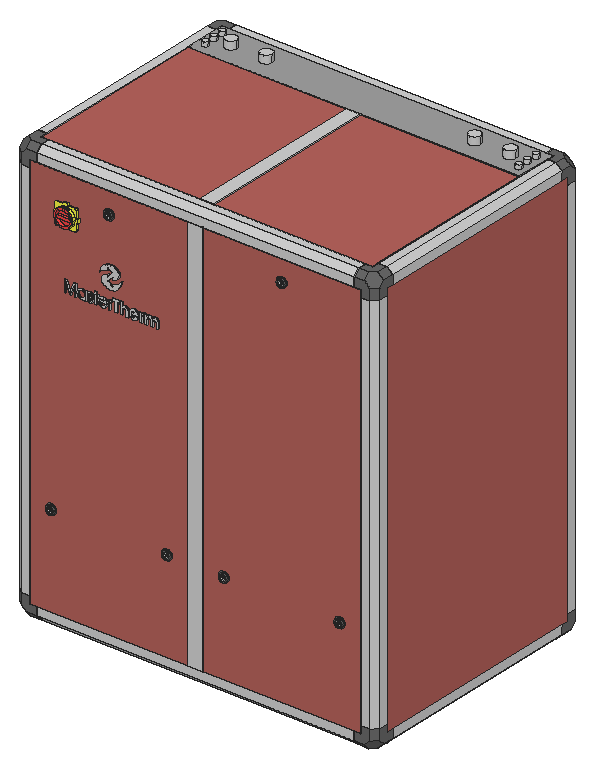
Revit family "AQ-ZHX_ENG-RFA-2022", category Mechanické zařízení, Revit 2022
Family settings
  Kóta kulaté spojky = Použít průměr
  Typ dílu = Normální
  Číslo OmniClass = 23.75.00.00
  Nadpis OmniClass = Climate Control (HVAC)
  Založené na pracovní rovině = Ne
  Vždy vertikální = Ano
  Ořezat dutým tvarem při načtení = Ne
  Zachovat orientaci poznámky = Ne
  Sdílené = Ne
  Bod výpočtu místnosti = Ne
Parameters (values of type "AQ100.2ZHX")
  Výrobce = "Master Therm"  # constant formula
  Výchozí výška = 0.00 mm
  URL = "https://www.mastertherm.eu/aq-zhx-heat-pump"
  Popis = if(MT_desuperheater_YES, "High-temperature heat pump (+desuperheater)", "High-temperature heat pump")  # "High-temperature heat pump"
  Model = if(MT_TYPE = 40, "AQ40ZHX", if(MT_TYPE = 50, "AQ50ZHX", if(MT_TYPE = 60, "AQ60ZHX", if(MT_TYPE = 75, "AQ75ZHX", "AQ100.2ZHX"))))  # "AQ100.2ZHX"
  MT_voltage (V) = 400 V  # constant formula
  MT_service space_YES [instance] = no
  MT_power switch offset_H = if(or(MT_TYPE = 50, MT_TYPE = 60), 250.00 mm, 175.00 mm)  # 175.00 mm
  MT_pipe mat = MT_angle-corner
  MT_pipe connector mat = MT_RGB-130-130-130
  MT_max. current – compressor (A) = if(MT_TYPE = 40, 20 A, if(MT_TYPE = 50, 25 A, if(MT_TYPE = 60, 32 A, if(MT_TYPE = 75, 40 A, 50 A))))  # 50 A
  MT_logo offset_H = if(or(MT_TYPE = 75, MT_TYPE = 100), 263.00 mm, MT_case width / 2)  # 263.00 mm
  MT_lock offset_H = if(or(MT_TYPE = 50, MT_TYPE = 60), 150.00 mm, 100.00 mm)  # 100.00 mm
  MT_hmotnost (kg) = if(MT_TYPE > 60, 400, 230)  # 400
  MT_ground height = 30.00 mm  # constant formula
  MT_frequency (Hz) = 50 Hz  # constant formula
  MT_double case_YES = MT_TYPE > 60  # yes
  MT_desuperheater – inlet [instance] = 0.0 L/s
  MT_desuperheater – outlet [instance] = 0.0 L/s
  MT_clearance top = MT_case height + 600.00 mm  # 1800.00 mm
  MT_clearance right = 400.00 mm  # constant formula
  MT_clearance left = 400.00 mm  # constant formula
  MT_clearance front = 600.00 mm  # constant formula
  MT_clearance back = 200.00 mm  # constant formula
  MT_center lock offset_H = MT_logo offset_H  # 263.00 mm
  MT_apparent power = 0 VA  # constant formula
  MT_active power = 0 W  # constant formula
  MT_condenser – inlet [instance] = 0.0 L/s
  MT_evaporator – inlet [instance] = 0.0 L/s
  MT_condenser – outlet [instance] = 0.0 L/s
  MT_pipe connector_X = if(MT_case height = 1200.00 mm, MT_case width - 2.00 mm * 40, MT_case height - 2.00 mm * 40)  # 932.00 mm
  MT_pipe connector offset = if(MT_case height = 1200.00 mm, MT_case width - 40.00 mm, MT_case height - 40.00 mm)  # 972.00 mm
  MT_pipe connector_Y = if(MT_case height = 1200.00 mm, 120.00 mm, 85.00 mm)  # 120.00 mm
  MT_desuperheater_YES = no
  MT_desuperheater offset_X = MT_pipe connector_X / 2  # 466.00 mm
  MT_desuperheater diameter = if(MT_desuperheater_YES, 15.00 mm, 0.00 mm)  # 0.00 mm
  MT_cover top_Y = MT_cover side_X  # 636.00 mm
  MT_cover top_X = MT_cover front_X  # 932.00 mm
  MT_cover side_Y = MT_cover front_Y  # 1120.00 mm
  MT_cover side_X = MT_case depth - 2.00 mm * 40  # 636.00 mm
  MT_cover front_Y = MT_case height - 2.00 mm * 40  # 1120.00 mm
  MT_cover front_X = MT_case width - 2.00 mm * 40  # 932.00 mm
  MT_case width = if(MT_TYPE = 40, 526.00 mm, if(or(MT_TYPE = 50, MT_TYPE = 60), 716.00 mm, 1012.00 mm))  # 1012.00 mm
  MT_case mat = MT_rgb161-42-32
  MT_case height = 1200.00 mm  # constant formula
  MT_case depth = 716.00 mm  # constant formula
  MT_angle offset = 60.00 mm  # constant formula
  MT_angle length_Z = MT_case height - 2 * MT_angle offset  # 1080.00 mm
  MT_angle length_Y = MT_case depth - 2 * MT_angle offset  # 596.00 mm
  MT_angle length_X = MT_case width - 2 * MT_angle offset  # 892.00 mm
  MT_evaporator – outlet [instance] = 0.0 L/s
  MT_TYPE = 100
  MT_EO offset_X = if(MT_case width = 716.00 mm, 393.00 mm, if(MT_case width = 526.00 mm, 273.00 mm, 859.00 mm))  # 859.00 mm
  MT_EO diameter = 32.00 mm  # constant formula
  MT_EI offset_X = if(MT_case width = 716.00 mm, 543.00 mm, if(MT_case width = 526.00 mm, 373.00 mm, 759.00 mm))  # 759.00 mm
  MT_EI diameter = 32.00 mm  # constant formula
  MT_EC6 offset_Y = MT_EC3 offset_Y  # 30.00 mm
  MT_EC6 offset_X = if(MT_case width = 716.00 mm, 608.00 mm, if(MT_case width = 526.00 mm, 421.00 mm, 907.00 mm))  # 907.00 mm
  MT_EC6_YES = MT_TYPE > 0  # yes
  MT_EC5 offset_Y = MT_EC2 offset_Y  # 60.00 mm
  MT_EC5 offset_X = if(MT_case width = 716.00 mm, 608.00 mm, if(MT_case width = 526.00 mm, 421.00 mm, 907.00 mm))  # 907.00 mm
  MT_EC4 offset_Y = MT_EC1 offset_Y  # 90.00 mm
  MT_EC4 offset_X = if(MT_case width = 716.00 mm, 608.00 mm, if(MT_case width = 526.00 mm, 421.00 mm, 907.00 mm))  # 907.00 mm
  MT_EC3 offset_Y = if(MT_case height = 1200.00 mm, 30.00 mm, 403.00 mm)  # 30.00 mm
  MT_EC3 offset_X = if(MT_case height = 1200.00 mm, 25.00 mm, 480.00 mm)  # 25.00 mm
  MT_EC2 offset_Y = if(MT_case height = 1200.00 mm, 60.00 mm, 403.00 mm)  # 60.00 mm
  MT_EC2 offset_X = if(MT_case height = 1200.00 mm, 25.00 mm, 410.00 mm)  # 25.00 mm
  MT_EC1 offset_Y = if(MT_case height = 1200.00 mm, 90.00 mm, 403.00 mm)  # 90.00 mm
  MT_EC1 offset_X = if(MT_case height = 1200.00 mm, 25.00 mm, 330.00 mm)  # 25.00 mm
  MT_CosPhi = 0  # constant formula
  MT_CO offset_X = if(MT_case width = 716.00 mm, 243.00 mm, if(MT_case width = 526.00 mm, 173.00 mm, 173.00 mm))  # 173.00 mm
  MT_CO diameter = 32.00 mm  # constant formula
  MT_CI offset_X = if(MT_case width = 716.00 mm, 93.00 mm, if(MT_case width = 526.00 mm, 73.00 mm, 73.00 mm))  # 73.00 mm
  MT_CI diameter = 32.00 mm  # constant formula
  Komentáře k typům = "COMPRESSOR: 2xScroll; 2900 rpm; charge of POE oil – 2x3.38 l; LRC – 139 (81); max. op. current – 2x21 A; EVAPORATOR: PHE; AISI316; water flow (W/W) – 3.38 kg/s; min. flow – 1.93 kg/s; temp. difference – 5 K; int. volume – 7.9 l; pump ext. head – 4.0 m; pump motor – 1100 W; CONDENSER: PHE; AISI316; water flow – 2.07 kg/s; min. flow – 2.07 kg/s; temp. difference – 10 K; int. volume – 6.9 l; pump ext. head – 3.0 m; pump motor – 310 W; REFRIGERANT CIRCUIT: R134a (10.0 kg); AUX. HEATER (optional); CONTROLS: controller – pCO5; EEV – yes; water probe – yes; SHW probe/output – yes (2x); mixing probe/output – yes; outdoor probe – yes; dynamic set point – yes; refrigerant probe – 2xPT; POWER SUPPLY: 3x400 V; 50 Hz; max. current – 50 A; max. current, incl. aux. heater – on demand; DIMENSIONS: hot water, brine – 5/4\", 5/4\" (OD); 120x101x72 cm; 400 kg; LIMITS: max. water overpress. – 0.25 MPa; max. refr. overpress. – 2.8 MPa; brine min./max.: 0/45 °C; water min./max.: 20/80 °C"
  El. connection = if(MT_TYPE > 60, "4xPG16; 8xPG13.5", "2xPG21; 2xPG16; 4xPG13.5")  # "4xPG16; 8xPG13.5"
  EO_evaporator – outlet = "5/4'' (OD)"  # constant formula
  EI_evaporator – inlet = "5/4'' (OD)"  # constant formula
  Desuperheater – inlet/outlet = if(MT_desuperheater_YES, "2xCu Ø15 mm (ID)", "not in unit")  # "not in unit"
  Cena = 0
  CO_condenser – outlet = "5/4'' (OD)"  # constant formula
  COPYRIGHT = "© Master Therm tepelná čerpadla s. r. o."  # constant formula
  CI_condenser – inlet = "5/4'' (OD)"  # constant formula
Reference planes
  plane 1 "Střed (vpředu/vzadu)": y = 0
  plane 2: z = 0
  plane 3 "Střed (vlevo/vpravo)": x = 0
  plane 4 "side_cover": x = 506
  plane 5: x = -506
  plane 6 "front_cover": y = -358
  plane 7: y = 358
  plane 8: z = 1230
  plane 9: z = 90
  plane 10: z = 1170
  plane 11: x = -446
  plane 12: x = 446
  plane 13: y = -298
  plane 14: y = 298
  plane 15: z = 630
  plane 16 "MT_pivot point": x = -506
  plane 17 "MT_case bottom": z = 30
Forms (mm)
  Extrusion 1, solid, material "MT_rgb161-42-32" <- "MT_case mat"
    sketch origin (0, 0, 0) x (1, 0, 0) y (0, 1, 0)
      loop
        line (-466, 318) -> (-466, -318) -> (466, -318) -> (466, 318) -> (-466, 318)
    from 30 to 1230
  Extrusion 2, solid, material "MT_rgb161-42-32" <- "MT_case mat"
    sketch origin (0, -358, 0) x (-1, 0, 0) y (0, 0, 1)
      loop
        line (466, 1190) -> (-466, 1190) -> (-466, 70) -> (466, 70) -> (466, 1190)
    from 0 to 716 <- "MT_case depth"
  Extrusion 3, solid, material "MT_rgb161-42-32" <- "MT_case mat"
    sketch origin (-506, 660.254, 1200) x (0, 1, 0) y (0, 0, 1)
      loop
        line (-978.254, -10) -> (-978.254, -1130) -> (-342.254, -1130) -> (-342.254, -10) -> (-978.254, -10)
    from 0 to 1012 <- "MT_case width"
  Extrusion 4, solid, material "MT_angle-corner", visible <- "MT_double case_YES"
    sketch origin (0, -358, 0) x (1, 0, 0) y (0, 0, 1)
      loop
        line (-19.999, 1190) -> (-19.999, 70) -> (19.999, 70) -> (19.999, 1190) -> (-19.999, 1190)
    from 0 to 1
  Extrusion 5, solid, material "MT_angle-corner", visible <- "MT_double case_YES"
    sketch origin (0, 0, 1230) x (1, 0, 0) y (0, 1, 0)
      loop
        line (-20, -318) -> (20, -318) -> (20, 198) -> (-20, 198) -> (-20, -318)
    from 0 to 1
Lines and regions (mm)
  reference lines
    curve 1: line (-506, 318, 1230) -> (834, 318, 1230)
    curve 2: line (-506, 318, 1230) -> (1554, 318, 1230)
    curve 3: line (-906, 558, 0) -> (906, 558, 0)
    curve 4: line (-906, -958, 0) -> (-906, 558, 0)
    curve 5: line (906, -958, 0) -> (-906, -958, 0)
    curve 6: line (906, 558, 0) -> (906, -958, 0)
    curve 7: line (-906, 558, 0) -> (-906, 558, 1800)
    curve 8: line (-906, 558, 1800) -> (906, 558, 1800)
    curve 9: line (906, 558, 0) -> (906, 558, 1800)
    curve 10: line (906, 558, 0) -> (906, 558, 1800)
    curve 11: line (906, 558, 1800) -> (906, -958, 1800)
    curve 12: line (906, -958, 0) -> (906, -958, 1800)
    curve 13: line (-906, 558, 1800) -> (-906, -958, 1800)
    curve 14: line (-906, -958, 0) -> (-906, -958, 1800)
    curve 15: line (-906, -958, 1800) -> (906, -958, 1800)
  model lines, style "MT_service space", visible <- "MT_service space_YES"
    curve 16: line (-906, -958, 1800) -> (906, -958, 1800)
    curve 17: line (-906, 558, 1800) -> (-906, -958, 1800)
    curve 18: line (-906, 558, 1800) -> (906, 558, 1800)
    curve 19: line (906, 558, 1800) -> (906, -958, 1800)
    curve 20: line (906, 558, 0) -> (906, -958, 0)
    curve 21: line (-906, 558, 0) -> (906, 558, 0)
    curve 22: line (906, -958, 0) -> (-906, -958, 0)
    curve 23: line (-906, -958, 0) -> (-906, 558, 0)
    curve 24: line (-906, -958, 0) -> (-906, -958, 1800)
    curve 25: line (-906, 558, 0) -> (-906, 558, 1800)
    curve 26: line (906, -958, 0) -> (906, -958, 1800)
    curve 27: line (906, 558, 0) -> (906, 558, 1800)
Dimensions and locks
  equal spacing: plane 5, plane 3 "Střed (vlevo/vpravo)", plane 4 "side_cover"
  "MT_case width": plane 5 to plane 4 "side_cover"
  equal spacing: plane 7, plane 1 "Střed (vpředu/vzadu)", plane 6 "front_cover"
  "MT_case depth": plane 7 to plane 6 "front_cover"
  "MT_case height": plane 8 to plane 17 "MT_case bottom"
  "MT_angle offset": plane 9 to plane 17 "MT_case bottom"
  "MT_angle offset": plane 8 to plane 10
  "MT_angle offset": plane 11 to plane 5
  "MT_angle offset": plane 4 "side_cover" to plane 12
  "MT_angle offset": plane 13 to plane 6 "front_cover"
  "MT_angle offset": plane 7 to plane 14
  equal spacing: Extrusion 1 sketch curve, plane 3 "Střed (vlevo/vpravo)", Extrusion 1 sketch curve
  "MT_cover top_X": Extrusion 1 sketch curve to Extrusion 1 sketch curve
  equal spacing: nested 17, plane 1 "Střed (vpředu/vzadu)", Extrusion 1 sketch curve
  "MT_cover top_Y": nested 17 to Extrusion 1 sketch curve
  equal spacing: Extrusion 2 sketch curve, plane 3 "Střed (vlevo/vpravo)", Extrusion 2 sketch curve
  "MT_cover front_X": Extrusion 2 sketch curve to Extrusion 2 sketch curve
  equal spacing: plane 8, plane 15, plane 17 "MT_case bottom"
  equal spacing: Extrusion 2 sketch curve, plane 15, Extrusion 2 sketch curve
  "MT_cover front_Y": Extrusion 2 sketch curve to Extrusion 2 sketch curve
  equal spacing: Extrusion 3 sketch curve, plane 15, Extrusion 3 sketch curve
  "MT_cover side_Y": Extrusion 3 sketch curve to Extrusion 3 sketch curve
  "MT_cover side_X": Extrusion 3 sketch curve to Extrusion 3 sketch curve
  equal spacing: Extrusion 3 sketch curve, plane 1 "Střed (vpředu/vzadu)", Extrusion 3 sketch curve
  locked: plane 8 to nested 23 at 100
  locked: nested 24 to plane 17 "MT_case bottom" at 300
  "MT_lock offset_H": nested 24 to plane 5
  "MT_lock offset_H": plane 4 "side_cover" to nested 25
  locked: nested 25 to plane 17 "MT_case bottom" at 300
  locked: nested 21 to plane 8 at 340
  locked: nested 22 to plane 8 at 175
  "MT_power switch offset_H": nested 22 to plane 5
  locked: plane 16 "MT_pivot point" to plane 5
  curve 1 to plane 8 = 0.00 mm
  "MT_pipe connector offset": nested 26 to curve 2
  "MT_clearance right": plane 4 "side_cover" to curve 6
  "MT_clearance left": curve 4 to plane 5
  "MT_clearance back": plane 7 to curve 3
  "MT_clearance front": plane 6 "front_cover" to curve 5
  "MT_clearance top": curve 15 to plane 2
  "MT_ground height": plane 17 "MT_case bottom" to plane 2
  locked: plane 6 "front_cover" to nested 27 at 158
  locked: plane 5 to nested 27 at 80
  locked: plane 5 to nested 29 at 80
  locked: nested 29 to plane 7 at 158
  locked: nested 28 to plane 4 "side_cover" at 80
  locked: nested 28 to plane 6 "front_cover" at 158
  locked: nested 30 to plane 7 at 158
  locked: nested 30 to plane 4 "side_cover" at 80
  "MT_logo offset_H": nested 21 to plane 5
  equal spacing: Extrusion 4 sketch curve, plane 3 "Střed (vlevo/vpravo)", Extrusion 4 sketch curve
  locked: Extrusion 4 sketch curve to Extrusion 4 sketch curve at 39.998
  "MT_center lock offset_H": nested 23 to plane 5
  locked: nested 31 to plane 17 "MT_case bottom" at 300
  "MT_lock offset_H": nested 31 to Extrusion 4
  locked: nested 32 to plane 17 "MT_case bottom" at 300
  "MT_lock offset_H": Extrusion 4 to nested 32
  "MT_center lock offset_H": plane 4 "side_cover" to nested 33
  equal spacing: Extrusion 5 sketch curve, plane 3 "Střed (vlevo/vpravo)", Extrusion 5 sketch curve
  locked: Extrusion 5 sketch curve to Extrusion 5 sketch curve at 40
  locked: curve 2 to curve 1 (angle 0.00°)
  aligned and locked: level to plane 2
  aligned and locked: plane 7 to nested 2
  aligned and locked: plane 5 to nested 2
  aligned and locked: plane 6 "front_cover" to nested 3
  aligned and locked: nested 3 to plane 5
  aligned and locked: nested 4 to plane 4 "side_cover"
  aligned and locked: nested 4 to plane 6 "front_cover"
  aligned and locked: plane 4 "side_cover" to nested 5
  aligned and locked: nested 5 to plane 7
  aligned and locked: plane 6 "front_cover" to nested 1
  aligned and locked: nested 1 to plane 5
  aligned and locked: nested 6 to plane 6 "front_cover"
  aligned and locked: nested 6 to plane 4 "side_cover"
  aligned and locked: nested 7 to plane 7
  aligned and locked: plane 4 "side_cover" to nested 7
  aligned and locked: plane 5 to nested 8
  aligned and locked: plane 7 to nested 8
  aligned and locked: plane 8 to nested 6
  aligned and locked: plane 8 to nested 7
  aligned and locked: plane 8 to nested 1
  aligned and locked: plane 8 to nested 8
  aligned and locked: nested 3 to plane 9
  aligned and locked: nested 2 to plane 9
  aligned and locked: nested 4 to plane 9
  aligned and locked: nested 5 to plane 9
  aligned and locked: nested 13 to plane 11
  aligned and locked: nested 14 to plane 11
  aligned and locked: plane 8 to nested 14
  aligned and locked: nested 13 to plane 6 "front_cover"
  aligned and locked: plane 6 "front_cover" to nested 14
  aligned and locked: nested 15 to plane 13
  aligned and locked: nested 15 to plane 4 "side_cover"
  aligned and locked: plane 4 "side_cover" to nested 16
  aligned and locked: nested 16 to plane 13
  aligned and locked: plane 11 to nested 18
  aligned and locked: plane 7 to nested 18
  aligned and locked: plane 11 to nested 17
  aligned and locked: nested 17 to plane 7
  aligned and locked: nested 18 to plane 8
  aligned and locked: plane 13 to nested 20
  aligned and locked: plane 13 to nested 19
  aligned and locked: nested 19 to plane 5
  aligned and locked: plane 5 to nested 20
  aligned and locked: nested 19 to plane 8
  aligned and locked: nested 9 to plane 6 "front_cover"
  aligned and locked: plane 6 "front_cover" to nested 10
  aligned and locked: nested 12 to plane 7
  aligned and locked: nested 11 to plane 7
  aligned and locked: plane 5 to nested 11
  aligned and locked: plane 5 to nested 9
  aligned and locked: nested 12 to plane 4 "side_cover"
  aligned and locked: nested 10 to plane 4 "side_cover"
  aligned and locked: plane 8 to nested 15
  aligned and locked: plane 16 "MT_pivot point" to curve 1
  aligned and locked: curve 2 to nested 26
  aligned and locked: curve 8 to curve 15
  aligned and locked: curve 13 to curve 15
  aligned and locked: curve 11 to curve 15
  aligned and locked: curve 16 to curve 15
  aligned and locked: curve 17 to curve 13
  aligned and locked: curve 18 to curve 8
  aligned and locked: curve 19 to curve 11
  aligned and locked: curve 20 to curve 6
  aligned and locked: curve 21 to curve 3
  aligned and locked: curve 22 to curve 5
  aligned and locked: curve 23 to curve 4
  aligned and locked: curve 24 to curve 14
  aligned and locked: curve 25 to curve 7
  aligned and locked: curve 26 to curve 12
  aligned and locked: curve 27 to curve 10
  aligned and locked: plane 17 "MT_case bottom" to nested 13
  aligned and locked: nested 17 to plane 17 "MT_case bottom"
  aligned and locked: plane 17 "MT_case bottom" to nested 9
  aligned and locked: plane 17 "MT_case bottom" to nested 11
  aligned and locked: Extrusion 1 to plane 17 "MT_case bottom"
  aligned and locked: nested 20 to plane 17 "MT_case bottom"
  aligned and locked: plane 17 "MT_case bottom" to nested 10
  aligned and locked: plane 17 "MT_case bottom" to nested 16
  aligned and locked: plane 17 "MT_case bottom" to nested 12
  aligned and locked: plane 8 to Extrusion 1
  aligned and locked: nested 26 to Extrusion 1
  aligned and locked: Extrusion 4 sketch curve to Extrusion 2  (x2)
  aligned and locked: Extrusion 5 sketch curve to nested 26
  aligned and locked: Extrusion 1 to Extrusion 5 sketch curve
Automatic sketch dimensions
  curve 13 to curve 4 = 0.00 mm  (x2)
  curve 14 to curve 4 = 0.00 mm
  curve 10 to curve 6 = 0.00 mm  (x2)
  curve 6 to curve 12 = 0.00 mm
  curve 12 to curve 6 = 0.00 mm
  curve 7 to curve 3 = 0.00 mm  (x2)
  curve 9 to curve 3 = 0.00 mm  (x2)
  curve 24 to curve 14 = 0.00 mm  (x2)
  curve 14 to curve 25 = 0.00 mm  (x2)
  curve 26 to curve 12 = 0.00 mm  (x2)
  curve 27 to curve 12 = 0.00 mm  (x2)
  plane 14 to Extrusion 1 sketch curve = 20.00 mm
  curve 5 to curve 15 = 0.00 mm  (x2)
Nested families
  nested 1: "MT_corner-cap" at (-446, -358, 1170) x (0, 1, 0) z (0, 0, 1), type "MT_corner-cap"
  nested 2: "MT_angle-cover" at (-506, 318, 90), MT_angle_lenght <- "MT_angle length_Z", type "MT_angle-cover"
    with MT_angle_lenght 1080.00 mm
  nested 3: "MT_angle-cover" at (-466, -358, 90) x (0, 1, 0) z (0, 0, 1), MT_angle_lenght <- "MT_angle length_Z", type "MT_angle-cover"
    with MT_angle_lenght 1080.00 mm
  nested 4: "MT_angle-cover" at (506, -318, 90) x (-1, 0, 0) z (0, 0, 1), MT_angle_lenght <- "MT_angle length_Z", type "MT_angle-cover"
    with MT_angle_lenght 1080.00 mm
  nested 5: "MT_angle-cover" at (466, 358, 90) x (0, -1, 0) z (0, 0, 1), MT_angle_lenght <- "MT_angle length_Z", type "MT_angle-cover"
    with MT_angle_lenght 1080.00 mm
  nested 6: "MT_corner-cap" at (506, -298, 1170) x (-1, 0, 0) z (0, 0, 1), type "MT_corner-cap"
  nested 7: "MT_corner-cap" at (446, 358, 1170) x (0, -1, 0) z (0, 0, 1), type "MT_corner-cap"
  nested 8: "MT_corner-cap" at (-506, 298, 1170), type "MT_corner-cap"
  nested 9: "MT_corner-cap" at (-446, -358, 90) x (0, 1, 0) z (0, 0, -1), type "MT_corner-cap"
  nested 10: "MT_corner-cap" at (506, -298, 90) x (-1, 0, 0) z (0, 0, -1), type "MT_corner-cap"
  nested 11: "MT_corner-cap" at (-506, 298, 90) x (1, 0, 0) z (0, 0, -1), type "MT_corner-cap"
  nested 12: "MT_corner-cap" at (446, 358, 90) x (0, -1, 0) z (0, 0, -1), type "MT_corner-cap"
  nested 13: "MT_angle-cover" at (-446, -318, 30) x (0, 0, 1) z (1, 0, 0), MT_angle_lenght <- "MT_angle length_X", type "MT_angle-cover"
    with MT_angle_lenght 892.00 mm
  nested 14: "MT_angle-cover" at (-446, -358, 1190) x (0, 1, 0) z (1, 0, 0), MT_angle_lenght <- "MT_angle length_X", type "MT_angle-cover"
    with MT_angle_lenght 892.00 mm
  nested 15: "MT_angle-cover" at (506, -298, 1190) x (-1, 0, 0) z (0, 1, 0), MT_angle_lenght <- "MT_angle length_Y", type "MT_angle-cover"
    with MT_angle_lenght 596.00 mm
  nested 16: "MT_angle-cover" at (466, -298, 30) x (0, 0, 1) z (0, 1, 0), MT_angle_lenght <- "MT_angle length_Y", type "MT_angle-cover"
    with MT_angle_lenght 596.00 mm
  nested 17: "MT_angle-cover" at (-446, 318, 30) x (0, 0, 1) z (1, 0, 0), MT_angle_lenght <- "MT_angle length_X", type "MT_angle-cover"
    with MT_angle_lenght 892.00 mm
  nested 18: "MT_angle-cover" at (-446, 358, 1190) x (0, -1, 0) z (1, 0, 0), MT_angle_lenght <- "MT_angle length_X", type "MT_angle-cover"
    with MT_angle_lenght 892.00 mm
  nested 19: "MT_angle-cover" at (-506, -298, 1190) x (1, 0, 0) z (0, 1, 0), MT_angle_lenght <- "MT_angle length_Y", type "MT_angle-cover"
    with MT_angle_lenght 596.00 mm
  nested 20: "MT_angle-cover" at (-466, -298, 30) x (0, 0, 1) z (0, 1, 0), MT_angle_lenght <- "MT_angle length_Y", type "MT_angle-cover"
    with MT_angle_lenght 596.00 mm
  nested 21: "MT_logo" at (-367.152, -358, 890) x (1, 0, 0) z (0, -1, 0), type "MT_logo"
  nested 22: "MT_power-switch" at (-391, -358, 1055) x (1, 0, 0) z (0, -1, 0), type "MT_power-switch"
  nested 23: "MT_case-lock" at (-243, -358, 1130) x (1, 0, 0) z (0, -1, 0), type "MT_case-lock"
  nested 24: "MT_case-lock" at (-406, -358, 330) x (1, 0, 0) z (0, -1, 0), type "MT_case-lock"
  nested 25: "MT_case-lock" at (406, -358, 330) x (-1, 0, 0) z (0, -1, 0), type "MT_case-lock"
  nested 26: "MT_pipe connector" at (-466, 318, 1230), type "MT_pipe connector"
    with MT_pipe connector_X2 932.00 mm, MT_desuperheater_YES no, MT_desuperheater offset_X2 466.00 mm, MT_EO offset_X2 859.00 mm, MT_EO diameter 32.00 mm, MT_EC6_X2 907.00 mm, MT_EC5_X2 907.00 mm, MT_EC4_X2 907.00 mm, MT_EI offset_X2 759.00 mm, MT_EI diameter 32.00 mm, MT_EC-AQ90I_YES no, MT_CO offset_X2 173.00 mm, MT_CO diameter 32.00 mm, MT_CI offset_X2 73.00 mm, MT_CI diameter 32.00 mm
  nested 27: "MT_adj feet" at (-426, -200, 0), type "MT_adj feet"
  nested 28: "MT_adj feet" at (426, -200, 0), type "MT_adj feet"
  nested 29: "MT_adj feet" at (-426, 200, 0), type "MT_adj feet"
  nested 30: "MT_adj feet" at (426, 200, 0), type "MT_adj feet"
  nested 31: "MT_case-lock" at (80.001, -358, 330) x (-1, 0, 0) z (0, -1, 0), visible <- "MT_double case_YES", type "MT_case-lock"
  nested 32: "MT_case-lock" at (-80.001, -358, 330) x (-1, 0, 0) z (0, -1, 0), visible <- "MT_double case_YES", type "MT_case-lock"
  nested 33: "MT_case-lock" at (243, -358, 1130) x (1, 0, 0) z (0, -1, 0), visible <- "MT_double case_YES", type "MT_case-lock"
Connectors
  piping at (393, 258, 1251), diameter 32, driven by "MT_CI diameter", driven by "MT_condenser – inlet", driven by "CI_condenser – inlet"
    settings: on nested 26, index 1, connector inside diameter 609.60 mm, connector length 0.00 mm, flow factor 1, pipe flow 0.0 L/s, pressure drop 0.0 Pa, fitting loss kfactor 0, connector angle 0.00°, fixture units 0, engagement length 0.00 mm, angle of deflection 0.00°, flow configuration 2, flow direction 1, fitting loss method 0, system type 29, joint type 0, gender type 0, connector reference index -1, connector utility 0, adjustable connector no, is connector primary yes, connector description "5/4'' (OD)"
  piping at (293, 258, 1251), diameter 32, driven by "MT_CO diameter", driven by "MT_condenser – outlet", driven by "CO_condenser – outlet"
    settings: on nested 26, index 2, connector inside diameter 609.60 mm, connector length 0.00 mm, flow factor 1, pipe flow 0.0 L/s, pressure drop 0.0 Pa, fitting loss kfactor 0, connector angle 0.00°, fixture units 0, engagement length 0.00 mm, angle of deflection 0.00°, flow configuration 2, flow direction 2, fitting loss method 0, system type 29, joint type 0, gender type 0, connector reference index -1, connector utility 0, adjustable connector no, is connector primary no, connector description "5/4'' (OD)"
  piping at (0, 283, 1240), driven by "MT_desuperheater diameter", driven by "MT_desuperheater – outlet", driven by "Desuperheater – inlet/outlet"
    settings: on nested 26, index 3, connector diameter 0.00 mm, connector inside diameter 609.60 mm, connector length 0.00 mm, flow factor 1, pipe flow 0.0 L/s, pressure drop 0.0 Pa, fitting loss kfactor 0, connector angle 0.00°, fixture units 0, engagement length 0.00 mm, angle of deflection 0.00°, flow configuration 2, flow direction 2, fitting loss method 0, system type 29, joint type 0, gender type 0, connector reference index -1, connector utility 0, adjustable connector no, is connector primary no, connector description "not in unit"
  piping at (0, 233, 1240), driven by "MT_desuperheater diameter", driven by "MT_desuperheater – inlet", driven by "Desuperheater – inlet/outlet"
    settings: on nested 26, index 4, connector diameter 0.00 mm, connector inside diameter 609.60 mm, connector length 0.00 mm, flow factor 1, pipe flow 0.0 L/s, pressure drop 0.0 Pa, fitting loss kfactor 0, connector angle 0.00°, fixture units 0, engagement length 0.00 mm, angle of deflection 0.00°, flow configuration 2, flow direction 1, fitting loss method 0, system type 29, joint type 0, gender type 0, connector reference index -1, connector utility 0, adjustable connector no, is connector primary no, connector description "not in unit"
  piping at (-393, 258, 1251), diameter 32, driven by "MT_EO diameter", driven by "MT_evaporator – outlet", driven by "EO_evaporator – outlet"
    settings: on nested 26, index 5, connector inside diameter 609.60 mm, connector length 0.00 mm, flow factor 0, pipe flow 0.0 L/s, pressure drop 0.0 Pa, fitting loss kfactor 0, connector angle 0.00°, fixture units 0, engagement length 0.00 mm, angle of deflection 0.00°, flow configuration 1, flow direction 2, fitting loss method 0, system type 29, joint type 0, gender type 0, connector reference index -1, connector utility 0, adjustable connector no, is connector primary no, connector description "5/4'' (OD)"
  piping at (-293, 258, 1251), diameter 32, driven by "MT_EI diameter", driven by "MT_evaporator – inlet", driven by "EI_evaporator – inlet"
    settings: on nested 26, index 6, connector inside diameter 609.60 mm, connector length 0.00 mm, flow factor 0, pipe flow 0.0 L/s, pressure drop 0.0 Pa, fitting loss kfactor 0, connector angle 0.00°, fixture units 0, engagement length 0.00 mm, angle of deflection 0.00°, flow configuration 1, flow direction 1, fitting loss method 0, system type 29, joint type 0, gender type 0, connector reference index -1, connector utility 0, adjustable connector no, is connector primary no, connector description "5/4'' (OD)"
  electrical at (441, 228, 1241), driven by "MT_voltage (V)", driven by "MT_apparent power", driven by "MT_CosPhi", driven by "El. connection"
    settings: on nested 26, index 7, voltage 400 V, apparent load 0 VA, apparent load phase1 0 VA, apparent load phase2 0 VA, apparent load phase3 0 VA, power factor 0, load classification "Další", number of poles 1, system type 30, power factor state 1, is connector primary yes, connector utility no, sub classification motor no, connector description "4xPG16; 8xPG13.5"
Definition of nested family "MT_corner-cap"
  Parameters (values of type "MT_corner-cap")
    Default Elevation = 0.00 mm
    MT_corner-cap = none
  Reference planes
    plane 1 "Střed (vpředu/vzadu)": y = 0
    plane 2: z = 0
    plane 3 "Střed (vlevo/vpravo)": x = 0
    plane 4: y = 44
    plane 5: x = 16
    plane 6 "cp1": through (-50.749, 80.749, 1200) normal (0.7071, 0.7071, 0)
    plane 7: through (30, 44, 1200) normal (0.7071, -0.7071, 0)
  Forms (mm)
    Extrusion 1, solid, material <- "MT_corner-cap"
      sketch origin (0, 0, 0) x (1, 0, 0) y (0, 1, 0)
        loop
          line (60, 60) -> (0, 60) -> (0, 0) -> (60, 0) -> (60, 60)
      from 0 to 60
    Extrusion 2, void
      sketch origin (0, 0, 0) x (1, 0, 0) y (0, 1, 0)
        loop
          line (40, 20) -> (40, 0) -> (60, 0) -> (60, 20) -> (40, 20)
      from 0 to 60
    Extrusion 3, void
      sketch origin (0, 0, 0) x (1, 0, 0) y (0, 0, 1)
        loop
          line (16, 60) -> (0, 60) -> (0, 44) -> (16, 60)
      from 0 to -60
    Extrusion 4, void
      sketch origin (0, 0, 0) x (0, 1, 0) y (0, 0, 1)
        loop
          line (44, 60) -> (60, 44) -> (60, 60) -> (44, 60)
      from 0 to 60
    Extrusion 5, void
      sketch origin (0, 0, 0) x (1, 0, 0) y (0, 1, 0)
        loop
          line (16, 60) -> (0, 60) -> (0, 44) -> (16, 60)
      from 0 to 60
    Extrusion 6, void
      sketch origin (0, 0, 0) x (0, 1, 0) y (0, 0, 1)
        loop
          line (0, 0) -> (20, 0) -> (20, 20) -> (0, 20) -> (0, 0)
      from 0 to 60
    Extrusion 7, void
      sketch origin (0, 0, 0) x (1, 0, 0) y (0, 0, 1)
        loop
          line (60, 0) -> (60, 20) -> (40, 20) -> (40, 0) -> (60, 0)
      from 0 to -60
    Extrusion 8, void
      sketch origin (15, 15, 0) x (-0.707107, 0.707107, 0) y (0, 0, 1)
        loop
          line (9.899, 60) -> (31.113, 29.704) -> (31.113, 60) -> (9.899, 60)
      from -50 to 60
  Cuts and joins
    Extrusion 2, Extrusion 3, Extrusion 4, Extrusion 5, Extrusion 6, Extrusion 7, Extrusion 8 cuts Extrusion 1
  Dimensions and locks
    aligned and locked: level to plane 2
Definition of nested family "MT_angle-cover"
  Parameters (values of type "MT_angle-cover")
    Default Elevation = 0.00 mm
    MT_angle_lenght [instance] = 500.00 mm
    MT_angle-corner = none
  Reference planes
    plane 1 "Střed (vpředu/vzadu)": y = 0
    plane 2: z = 0
    plane 3 "Střed (vlevo/vpravo)": x = 0
    plane 4: through (2.328, 26.328, 1200) normal (-0.7071, 0.7071, 0)
    plane 5: z = 500
  Forms (mm)
    Extrusion 1, solid, material <- "MT_angle-corner"
      sketch origin (0, 0, 0) x (1, 0, 0) y (0, 1, 0)
        loop
          line (40, 0) -> (40, 40) -> (0, 40) -> (0, 0) -> (40, 0)
      from 0 to 500
    Extrusion 2, void
      sketch origin (0, 0, 0) x (1, 0, 0) y (0, 1, 0)
        loop
          line (16, 40) -> (0, 40) -> (0, 24) -> (16, 40)
      from 0 to 500
  Cuts and joins
    Extrusion 2 cuts Extrusion 1
  Dimensions and locks
    "MT_angle_lenght": plane 5 to plane 2
    aligned and locked: level to plane 2
    aligned and locked: plane 5 to cut or joined group of Extrusion 1, Extrusion 2
    aligned and locked: Extrusion 1 to Extrusion 2
  Automatic sketch dimensions
    plane 1 "Střed (vpředu/vzadu)" to Extrusion 1 sketch curve = 0.00 mm
    Extrusion 1 sketch curve to plane 3 "Střed (vlevo/vpravo)" = 0.00 mm
    plane 3 "Střed (vlevo/vpravo)" to Extrusion 1 sketch curve = 40.00 mm
    Extrusion 1 sketch curve to plane 1 "Střed (vpředu/vzadu)" = 40.00 mm
    Extrusion 2 sketch curve to plane 3 "Střed (vlevo/vpravo)" = 0.00 mm
    Extrusion 2 sketch curve to plane 4 = 0.00 mm  (x2)
    plane 3 "Střed (vlevo/vpravo)" to Extrusion 2 sketch curve = 16.00 mm
Definition of nested family "MT_logo"
  Parameters (values of type "MT_logo")
    Default Elevation = 1219.20 mm
    MT_logo_thickness = 2.00 mm  # constant formula
    MT_logo-mat = none
  Reference planes
    plane 1 "Střed (vpředu/vzadu)": y = 0
    plane 2: z = 0
    plane 3 "Střed (vlevo/vpravo)": x = 0
    plane 4: z = 500
  Forms (mm)
    Extrusion 1, solid, material <- "MT_logo-mat"
      sketch origin (0, 0, 0) x (1, 0, 0) y (0, 1, 0)
        loop
          line (121.917, 83.115) -> (121.917, 89.033)
          spline (121.917, 89.033) -> (110.145, 82.837) -> (105.846, 77.019) -> (105.128, 68.563) -> (108.491, 61.778) -> (115.441, 56.783) -> (123.535, 53.995) -> (131.475, 53.389) -> (140.079, 54.8) -> (147.361, 58.494) -> (153.914, 64.28) -> (158.046, 70.722) -> (161.285, 84.245)
          spline (161.285, 84.245) -> (159.714, 81.035) -> (158.469, 78.973) -> (157.232, 77.31) -> (155.703, 75.688) -> (154.145, 74.345) -> (152.518, 73.263) -> (150.782, 72.272) -> (149.103, 71.471) -> (147.157, 70.679) -> (145.071, 69.992) -> (142.28, 69.29) -> (137.169, 68.49)
          line (137.169, 68.49) -> (137.169, 62.54) -> (122.426, 71.891) -> (137.508, 86.378) -> (137.508, 81.245)
          spline (137.508, 81.245) -> (148.499, 86.345) -> (153.768, 92.083) -> (155.179, 100.068) -> (150.966, 107.004) -> (143.87, 111.829) -> (136.075, 114.436) -> (127.817, 115.037) -> (119.6, 113.109) -> (112.274, 109.305) -> (106.232, 103.604) -> (102.088, 96.604) -> (99.294, 87.5)
          spline (99.294, 87.5) -> (101.565, 90.388) -> (102.94, 91.895) -> (104.349, 93.203) -> (105.825, 94.353) -> (107.436, 95.41) -> (109.18, 96.419) -> (110.713, 97.202) -> (112.43, 97.92) -> (114.46, 98.648) -> (116.41, 99.244) -> (118.729, 99.788) -> (122.07, 100.334)
          line (122.07, 100.334) -> (122.07, 105.76) -> (137.041, 97.426) -> (121.917, 83.115)
        loop
          line (0, 1.019) -> (3.59, 1.019) -> (3.59, 28.94) -> (14.436, 1.019) -> (17.898, 1.019) -> (28.975, 28.825) -> (28.975, 1.019) -> (32.206, 1.019) -> (32.206, 33.78) -> (27.245, 33.78) -> (16.398, 6.228) -> (5.274, 33.78) -> (0, 33.78) -> (0, 1.019)
        loop
          spline (48.751, 23.273) -> (46.388, 22.939) -> (44.186, 21.958) -> (42.296, 20.397) -> (40.845, 18.364) -> (39.933, 15.995) -> (39.622, 13.454) -> (39.933, 10.912) -> (40.845, 8.544) -> (42.296, 6.51) -> (44.186, 4.95) -> (46.388, 3.969) -> (48.751, 3.634)
          spline (48.751, 3.634) -> (51.114, 3.969) -> (53.316, 4.95) -> (55.207, 6.51) -> (56.657, 8.544) -> (57.57, 10.912) -> (57.881, 13.454) -> (57.57, 15.995) -> (56.657, 18.364) -> (55.207, 20.397) -> (53.316, 21.958) -> (51.114, 22.939) -> (48.751, 23.273)
        loop
          line (57.881, 4.324) -> (57.881, 1.019) -> (61.48, 1.019) -> (61.48, 25.889) -> (57.881, 25.889) -> (57.881, 22.583)
          arc (57.881, 22.583) -> (35.84, 13.454) -> (57.881, 4.324) r 12.911
        loop
          line (86.125, 22.492) -> (86.125, 1.019) -> (89.717, 1.019) -> (89.717, 22.492) -> (94.365, 22.492) -> (94.365, 25.974) -> (89.717, 25.974) -> (89.717, 33.78) -> (86.125, 33.78) -> (86.125, 25.974) -> (81.583, 25.974) -> (81.583, 22.492) -> (86.125, 22.492)
        loop
          spline (120.897, 12.309) -> (120.024, 18.831) -> (116.177, 24.119) -> (110.308, 26.865) -> (103.866, 26.393) -> (98.443, 22.817) -> (95.38, 17.023) -> (95.433, 10.441) -> (98.589, 4.698) -> (104.069, 1.214) -> (110.518, 0.85) -> (116.342, 3.694) -> (120.103, 9.046)
          line (120.103, 9.046) -> (115.947, 9.046)
          arc (115.947, 9.046) -> (106.228, 4.674) -> (98.794, 12.309) r 9.292
          line (98.794, 12.309) -> (120.897, 12.309)
        loop
          arc (117.067, 15.67) -> (107.965, 23.094) -> (98.863, 15.67) r 9.292
          line (98.863, 15.67) -> (117.067, 15.67)
        loop
          line (127.532, 23.758) -> (127.532, 25.763) -> (124.152, 25.763) -> (124.152, 1.019) -> (127.744, 1.019) -> (127.744, 17.742)
          arc (127.744, 17.742) -> (129.492, 21.42) -> (133.448, 22.386) r 4.742
          line (133.448, 22.386) -> (133.448, 26.185)
          arc (133.448, 26.185) -> (130.172, 25.746) -> (127.532, 23.758) r 6.521
        loop
          line (142.488, 27.585) -> (142.488, 1.019) -> (149.221, 1.019) -> (149.221, 27.585) -> (155.139, 27.585) -> (155.139, 33.78) -> (136.199, 33.78) -> (136.199, 27.585) -> (142.488, 27.585)
        loop
          line (163.722, 23.699) -> (163.722, 33.78) -> (157.581, 33.78) -> (157.581, 1.019) -> (163.722, 1.019) -> (163.722, 15.196) -> (164.016, 16.209) -> (164.307, 17.043)
          spline (164.307, 17.043) -> (165.574, 19.017) -> (166.288, 19.627) -> (167.046, 19.939) -> (167.922, 20.095) -> (168.858, 20.117) -> (169.737, 20.047) -> (170.514, 19.896) -> (171.213, 19.639) -> (171.861, 19.183) -> (172.492, 18.376) -> (173.129, 16.993) -> (173.784, 14.722)
          line (173.784, 14.722) -> (173.784, 1.019) -> (179.925, 1.019) -> (179.925, 17.901) -> (179.719, 18.903) -> (179.478, 19.785) -> (179.206, 20.559)
          spline (179.206, 20.559) -> (177.54, 23.133) -> (176.649, 24.126) -> (175.805, 24.812) -> (174.74, 25.392) -> (173.552, 25.805) -> (172.356, 26.102) -> (171.177, 26.31) -> (169.954, 26.379) -> (168.782, 26.283) -> (167.632, 25.964) -> (166.13, 25.259) -> (163.722, 23.699)
        loop
          line (201.474, 9.046) -> (208.133, 9.046)
          arc (208.133, 9.046) -> (182.997, 16.783) -> (208.746, 11.428) r 13.164
          line (208.746, 11.428) -> (189.256, 11.428)
          arc (189.256, 11.428) -> (194.561, 6.116) -> (201.474, 9.046) r 6.713
        loop
          arc (218.123, 16.511) -> (220.269, 19.589) -> (223.891, 20.572) r 5.496
          line (223.891, 20.572) -> (223.891, 26.204)
          arc (223.891, 26.204) -> (220.639, 25.706) -> (217.926, 23.846) r 7.389
          line (217.926, 23.846) -> (217.926, 25.877) -> (212.223, 25.877) -> (212.223, 1.019) -> (218.123, 1.019) -> (218.123, 16.511)
        loop
          line (247.851, 22.442) -> (246.299, 24.112) -> (244.867, 25.185) -> (242.957, 26.02) -> (240.37, 26.418) -> (238.261, 26.418) -> (236.152, 26.02) -> (234.401, 25.145) -> (232.689, 23.615) -> (232.689, 26.083) -> (226.986, 26.083) -> (226.986, 1.019) -> (232.748, 1.019) -> (232.748, 14.448) -> (233.34, 17.357)
          spline (233.34, 17.357) -> (234.506, 19.355) -> (235.184, 19.986) -> (235.918, 20.326) -> (236.775, 20.516) -> (237.696, 20.576) -> (238.565, 20.544) -> (239.338, 20.427) -> (240.037, 20.203) -> (240.695, 19.781) -> (241.35, 19.012) -> (242.035, 17.676) -> (242.775, 15.466)
          line (242.775, 15.466) -> (242.86, 14.628) -> (242.86, 1.019) -> (248.975, 1.019) -> (248.975, 14.569) -> (249.557, 17.438)
          spline (249.557, 17.438) -> (250.835, 19.335) -> (251.546, 19.906) -> (252.3, 20.191) -> (253.167, 20.318) -> (254.083, 20.313) -> (254.93, 20.222) -> (255.671, 20.053) -> (256.335, 19.782) -> (256.987, 19.317) -> (257.707, 18.521) -> (258.378, 17.179) -> (258.676, 14.994)
          line (258.676, 14.994) -> (258.676, 1.019) -> (264.674, 1.019) -> (264.674, 17.434)
          arc (264.674, 17.434) -> (258.13, 26.21) -> (247.851, 22.442) r 9.157
        loop
          arc (202.325, 16.381) -> (195.967, 21.024) -> (189.609, 16.381) r 6.674
          line (189.609, 16.381) -> (202.325, 16.381)
        loop
          line (68.145, 9.214) -> (64.677, 9.214)
          spline (64.677, 9.214) -> (66.736, 2.941) -> (70.193, 0.755) -> (74.263, 0.624) -> (78.153, 2.473) -> (80.209, 6.016) -> (80.272, 10.226) -> (77.925, 13.665) -> (74.022, 15.517) -> (70.206, 17.334) -> (69.88, 21.172) -> (73.486, 23.019) -> (76.3, 19.489)
          line (76.3, 19.489) -> (80.206, 19.489)
          spline (80.206, 19.489) -> (78.17, 24.592) -> (74.379, 26.486) -> (70.2, 26.139) -> (66.87, 23.387) -> (65.595, 19.397) -> (66.987, 15.501) -> (70.465, 13.143) -> (74.571, 10.894) -> (76.598, 7.617) -> (74.259, 4.16) -> (70.271, 4.49) -> (68.145, 9.214)
      from 0 to 2 <- "MT_logo_thickness"
  Dimensions and locks
    plane 4 to plane 2 = 500.00 mm
    aligned and locked: level to plane 2
Definition of nested family "MT_power-switch"
  Parameters (values of type "MT_power-switch")
    Default Elevation = 0.00 mm
    MT_power-switch_Y = none
    MT_power-switch_R = none
  Reference planes
    plane 1 "Střed (vpředu/vzadu)": y = 0
    plane 2: z = 0
    plane 3 "Střed (vlevo/vpravo)": x = 0
    plane 4: y = 0
    plane 5: y = 1196.123
  Forms (mm)
    Revolve 1, solid, not visible
      sketch origin (29.178, 0, 1200) x (1, 0, 0) y (0, 0, 1)
        loop
          arc (30.822, -1200) -> (26.978, -1196.222) -> (21.784, -1194.782) r 10.758
          line (21.784, -1194.782) -> (21.784, -1200) -> (30.822, -1200)
        axis (21.784, -1194.782) -> (21.784, -1200)
      angle from 0 to 90
    Extrusion 2, solid, not visible
      sketch origin (0, 0, 0) x (0, 1, 0) y (0, 0, 1)
        loop
          line (0, 5.218) -> (0, 0) -> (9.038, 0)
          arc (9.038, 0) -> (5.194, 3.778) -> (0, 5.218) r 10.758
      from 9.038 to 50.962
    Revolve 3, solid, not visible
      sketch origin (28.882, 0, 1200) x (1, 0, 0) y (0, 0, 1)
        loop
          line (-28.882, -1200) -> (-19.844, -1200) -> (-19.844, -1194.782)
          arc (-19.844, -1194.782) -> (-25.038, -1196.222) -> (-28.882, -1200) r 10.758
        axis (-19.844, -1194.782) -> (-19.844, -1200)
      angle from 0 to 90
    Extrusion 4, solid, material <- "MT_power-switch_Y"
      sketch origin (-390.448, -1166.199, 0) x (1, 0, 0) y (0, 1, 0)
        loop
          arc (390.448, 1171.199) -> (391.912, 1167.664) -> (395.448, 1166.199) r 5
          line (395.448, 1166.199) -> (445.448, 1166.199)
          arc (445.448, 1166.199) -> (448.983, 1167.664) -> (450.448, 1171.199) r 5
          line (450.448, 1171.199) -> (450.448, 1191.123) -> (454.58, 1191.123) -> (454.58, 1201.123) -> (450.448, 1201.123) -> (450.448, 1221.199)
          arc (450.448, 1221.199) -> (448.983, 1224.735) -> (445.448, 1226.199) r 5
          line (445.448, 1226.199) -> (425.448, 1226.199) -> (425.448, 1231.199) -> (415.448, 1231.199) -> (415.448, 1226.199) -> (395.448, 1226.199)
          arc (395.448, 1226.199) -> (391.912, 1224.735) -> (390.448, 1221.199) r 5
          line (390.448, 1221.199) -> (390.448, 1201.123) -> (386.316, 1201.123) -> (386.316, 1191.123) -> (390.448, 1191.123) -> (390.448, 1171.199)
      from 0 to 5
    Extrusion 5, solid, material <- "MT_power-switch_R"
      sketch origin (-390.448, -1166.199, 5) x (1, 0, 0) y (0, 1, 0)
        loop
          circle (420.448, 1196.199) r 25
        loop
          circle (420.448, 1196.199) r 21
      from 0 to 10
    Extrusion 6, solid, material <- "MT_power-switch_R"
      sketch origin (-390.448, -1166.199, 5) x (1, 0, 0) y (0, 1, 0)
        loop
          line (441.078, 1200.123) -> (399.818, 1200.123)
          arc (399.818, 1200.123) -> (399.448, 1196.122) -> (399.847, 1192.123) r 21
          line (399.847, 1192.123) -> (441.048, 1192.123)
          arc (441.048, 1192.123) -> (441.448, 1196.122) -> (441.078, 1200.123) r 21
      from 0 to 10
    Extrusion 7, solid, material <- "MT_power-switch_R"
      sketch origin (-390.448, -1166.199, 5) x (1, 0, 0) y (0, 1, 0)
        loop
          circle (420.448, 1196.199) r 21
      from 0 to 1
    Extrusion 8, solid, material <- "MT_power-switch_Y"
      sketch origin (-390.448, -1141.199, 5) x (1, 0, 0) y (0, 1, 0)
        loop
          circle (420.448, 1171.199) r 26
        loop
          circle (420.448, 1171.199) r 25
      from 0 to 7
  Dimensions and locks
    aligned and locked: level to plane 2
Definition of nested family "MT_case-lock"
  Parameters (values of type "MT_case-lock")
    Default Elevation = 0.00 mm
    MT_corner-cap = none
    MT_angle-corner = none
  Reference planes
    plane 1 "Střed (vpředu/vzadu)": y = 0
    plane 2: z = 0
    plane 3 "Střed (vlevo/vpravo)": x = 0
    plane 4: y = 0
  Forms (mm)
    Revolve 1, solid, not visible
      sketch origin (29.178, 0, 1200) x (1, 0, 0) y (0, 0, 1)
        loop
          arc (30.822, -1200) -> (26.978, -1196.222) -> (21.784, -1194.782) r 10.758
          line (21.784, -1194.782) -> (21.784, -1200) -> (30.822, -1200)
        axis (21.784, -1194.782) -> (21.784, -1200)
      angle from 0 to 90
    Extrusion 2, solid, not visible
      sketch origin (0, 0, 0) x (0, 1, 0) y (0, 0, 1)
        loop
          line (0, 5.218) -> (0, 0) -> (9.038, 0)
          arc (9.038, 0) -> (5.194, 3.778) -> (0, 5.218) r 10.758
      from 9.038 to 50.962
    Revolve 3, solid, not visible
      sketch origin (28.882, 0, 1200) x (1, 0, 0) y (0, 0, 1)
        loop
          line (-28.882, -1200) -> (-19.844, -1200) -> (-19.844, -1194.782)
          arc (-19.844, -1194.782) -> (-25.038, -1196.222) -> (-28.882, -1200) r 10.758
        axis (-19.844, -1194.782) -> (-19.844, -1200)
      angle from 0 to 90
    Extrusion 4, solid, material <- "MT_corner-cap"
      sketch origin (0, 0, 0) x (1, 0, 0) y (0, 1, 0)
        loop
          circle (0, 0) r 14
      from 0 to 1
    Extrusion 5, solid, material <- "MT_corner-cap"
      sketch origin (0, 0, 1) x (1, 0, 0) y (0, 1, 0)
        loop
          circle (0, 0) r 11
        loop
          circle (0, 0) r 8
      from 0 to 5
    Extrusion 6, solid, material <- "MT_angle-corner"
      sketch origin (0, 0, 1) x (1, 0, 0) y (0, 1, 0)
        loop
          arc (-5.396, -1.506) -> (0, -5.602) -> (5.396, -1.506) r 5.602
          line (5.396, -1.506) -> (6.952, -1.506) -> (6.952, 1.506) -> (5.396, 1.506)
          arc (5.396, 1.506) -> (0, 5.602) -> (-5.396, 1.506) r 5.602
          line (-5.396, 1.506) -> (-6.952, 1.506) -> (-6.952, -1.506) -> (-5.396, -1.506)
        loop
          circle (0, 0) r 7.8
      from 0 to 5
    Extrusion 7, solid, material <- "MT_angle-corner"
      sketch origin (0, 0, 1) x (1, 0, 0) y (0, 1, 0)
        loop
          circle (0, 0) r 1.2
      from 0 to 2
  Dimensions and locks
    aligned and locked: level to plane 2
Definition of nested family "MT_pipe connector"
  Parameters (values of type "MT_pipe connector")
    Default Elevation = 0.00 mm
    MT_pipe connector_X2 = 636.00 mm
    MT_pipe connector_Y2 = 120.00 mm
    MT_electric connector_YES2 = no
    MT_desuperheater_YES = yes
    MT_desuperheater offset_X2 = 318.00 mm
    MT_pipe plate mat = none
    MT_pipe mat = none
    MT_EO offset_X2 = 393.00 mm
    MT_EO diameter = 35.00 mm
    MT_EC6_YES2 = yes
    MT_EC6_Y2 = 30.00 mm
    MT_EC6_X2 = 608.00 mm
    MT_EC5_Y2 = 60.00 mm
    MT_EC5_X2 = 608.00 mm
    MT_EC4_Y2 = 90.00 mm
    MT_EC4_X2 = 608.00 mm
    MT_EC3_Y2 = 30.00 mm
    MT_EC3_X2 = 25.00 mm
    MT_EC2_Y2 = 60.00 mm
    MT_EC2_X2 = 25.00 mm
    MT_EC1_Y2 = 90.00 mm
    MT_EI offset_X2 = 543.00 mm
    MT_EI diameter = 35.00 mm
    MT_EC1_X2 = 25.00 mm
    MT_EC-AQ90I_YES = yes
    MT_CO offset_X2 = 243.00 mm
    MT_CO diameter = 35.00 mm
    MT_CI offset_X2 = 93.00 mm
    MT_CI diameter = 35.00 mm
  Reference planes
    plane 1 "Střed (vpředu/vzadu)": y = 0
    plane 2: z = 0
    plane 3 "Střed (vlevo/vpravo)": x = 0
    plane 4: y = 0
  Forms (mm)
    Revolve 1, solid, not visible
      sketch origin (29.178, 0, 1200) x (1, 0, 0) y (0, 0, 1)
        loop
          arc (30.822, -1200) -> (26.978, -1196.222) -> (21.784, -1194.782) r 10.758
          line (21.784, -1194.782) -> (21.784, -1200) -> (30.822, -1200)
        axis (21.784, -1194.782) -> (21.784, -1200)
      angle from 0 to 90
    Extrusion 2, solid, not visible
      sketch origin (0, 0, 0) x (0, 1, 0) y (0, 0, 1)
        loop
          line (0, 5.218) -> (0, 0) -> (9.038, 0)
          arc (9.038, 0) -> (5.194, 3.778) -> (0, 5.218) r 10.758
      from 9.038 to 50.962
    Revolve 3, solid, not visible
      sketch origin (28.882, 0, 1200) x (1, 0, 0) y (0, 0, 1)
        loop
          line (-28.882, -1200) -> (-19.844, -1200) -> (-19.844, -1194.782)
          arc (-19.844, -1194.782) -> (-25.038, -1196.222) -> (-28.882, -1200) r 10.758
        axis (-19.844, -1194.782) -> (-19.844, -1200)
      angle from 0 to 90
    Extrusion 4, solid, material <- "MT_pipe plate mat"
      sketch origin (0, 0, 0) x (1, 0, 0) y (0, 1, 0)
        loop
          line (0, -120) -> (636, -120) -> (636, 0) -> (0, 0) -> (0, -120)
      from 0 to 1
    Extrusion 5, solid, material <- "MT_pipe mat"
      sketch origin (0, 0, 1) x (1, 0, 0) y (0, 1, 0)
        loop
          circle (543, -60) r 17.5
      from 0 to 20
    Extrusion 6, solid, material <- "MT_pipe mat"
      sketch origin (0, 0, 1) x (1, 0, 0) y (0, 1, 0)
        loop
          circle (393, -60) r 17.5
      from 0 to 20
    Extrusion 7, solid, material <- "MT_pipe plate mat", visible <- "MT_electric connector_YES2"
      sketch origin (0, 0, 0) x (1, 0, 0) y (0, 1, 0)
        loop
          line (0, -481) -> (636, -481) -> (636, -361) -> (0, -361) -> (0, -481)
      from 0 to 2
    Extrusion 8, solid, material <- "MT_pipe mat"
      sketch origin (0, 0, 1) x (1, 0, 0) y (0, 1, 0)
        loop
          circle (243, -60) r 17.5
      from 0 to 20
    Extrusion 9, solid, material <- "MT_pipe mat"
      sketch origin (0, 0, 1) x (1, 0, 0) y (0, 1, 0)
        loop
          circle (93, -60) r 17.5
      from 0 to 20
    Extrusion 10, solid, material <- "MT_pipe mat"
      sketch origin (0, 0, 1) x (1, 0, 0) y (0, 1, 0)
        loop
          circle (611, -90) r 8
      from 0 to 10
    Extrusion 11, solid, material <- "MT_pipe mat"
      sketch origin (0, 30.126, 1) x (1, 0, 0) y (0, 1, 0)
        loop
          circle (611, -90.126) r 8
      from 0 to 10
    Extrusion 12, solid, material <- "MT_pipe mat"
      sketch origin (0, 60.126, 1) x (1, 0, 0) y (0, 1, 0)
        loop
          circle (611, -90.126) r 8
      from 0 to 10
    Extrusion 13, solid, material <- "MT_pipe mat"
      sketch origin (-375, 0, 1) x (1, 0, 0) y (0, 1, 0)
        loop
          circle (403, -90) r 8
      from 0 to 10
    Extrusion 14, solid, material <- "MT_pipe mat"
      sketch origin (-375, 40, 1) x (1, 0, 0) y (0, 1, 0)
        loop
          circle (403, -100) r 8
      from 0 to 10
    Extrusion 15, solid, material <- "MT_pipe mat", visible <- "MT_EC6_YES2"
      sketch origin (-375, 70, 1) x (1, 0, 0) y (0, 1, 0)
        loop
          circle (403, -100) r 8
      from 0 to 10
    Extrusion 16, solid, visible <- "MT_desuperheater_YES"
      sketch origin (0, 0, 0) x (1, 0, 0) y (0, 1, 0)
        loop
          circle (318, -35) r 7.5
        loop
          circle (318, -85) r 7.5
      from 0 to 10
    Extrusion 17, solid, visible <- "MT_EC-AQ90I_YES"
      sketch origin (-155, 0, 0) x (1, 0, 0) y (0, 1, 0)
        loop
          circle (321, -35) r 7.5
        loop
          circle (321, -85) r 7.5
      from 0 to 10
  Dimensions and locks
    "MT_pipe connector_X2": Extrusion 4 sketch curve to Extrusion 4 sketch curve
    "MT_pipe connector_Y2": Extrusion 4 sketch curve to Extrusion 4 sketch curve
    "MT_CI offset_X2": Extrusion 5 sketch curve to Extrusion 4
    locked: plane 1 "Střed (vpředu/vzadu)" to Extrusion 5 sketch curve at 60
    locked: plane 1 "Střed (vpředu/vzadu)" to Extrusion 6 sketch curve at 60
    "MT_CO offset_X2": Extrusion 6 sketch curve to Extrusion 4
    "MT_pipe connector_X2": Extrusion 7 sketch curve to Extrusion 7 sketch curve
    "MT_pipe connector_Y2": Extrusion 7 sketch curve to Extrusion 7 sketch curve
    locked: plane 1 "Střed (vpředu/vzadu)" to Extrusion 8 sketch curve at 60
    "MT_EO offset_X2": Extrusion 8 sketch curve to Extrusion 4
    locked: plane 1 "Střed (vpředu/vzadu)" to Extrusion 9 sketch curve at 60
    "MT_EI offset_X2": Extrusion 9 sketch curve to Extrusion 4
    "MT_EC1_Y2": plane 1 "Střed (vpředu/vzadu)" to Extrusion 10 sketch curve
    "MT_EC1_X2": Extrusion 10 sketch curve to Extrusion 4
    "MT_EC2_Y2": plane 1 "Střed (vpředu/vzadu)" to Extrusion 11 sketch curve
    "MT_EC2_X2": Extrusion 11 sketch curve to Extrusion 4
    "MT_EC3_X2": Extrusion 12 sketch curve to Extrusion 4
    "MT_EC3_Y2": plane 1 "Střed (vpředu/vzadu)" to Extrusion 12 sketch curve
    "MT_EC4_X2": Extrusion 13 sketch curve to Extrusion 4
    "MT_EC4_Y2": plane 1 "Střed (vpředu/vzadu)" to Extrusion 13 sketch curve
    "MT_EC5_Y2": plane 1 "Střed (vpředu/vzadu)" to Extrusion 14 sketch curve
    "MT_EC5_X2": Extrusion 14 sketch curve to Extrusion 4
    "MT_EC6_Y2": plane 1 "Střed (vpředu/vzadu)" to Extrusion 15 sketch curve
    "MT_EC6_X2": Extrusion 15 sketch curve to Extrusion 4
    locked: Extrusion 7 sketch curve to plane 1 "Střed (vpředu/vzadu)" at 361
    locked: Extrusion 16 sketch curve to plane 1 "Střed (vpředu/vzadu)" at 35
    locked: Extrusion 16 sketch curve to plane 1 "Střed (vpředu/vzadu)" at 85
    "MT_desuperheater offset_X2": Extrusion 16 sketch curve to Extrusion 4  (x2)
    locked: Extrusion 17 sketch curve to Extrusion 4 at 470  (x2)
    "MT_CI diameter": diameter of Extrusion 5 sketch curve
    "MT_CO diameter": diameter of Extrusion 6 sketch curve
    "MT_EO diameter": diameter of Extrusion 8 sketch curve
    "MT_EI diameter": diameter of Extrusion 9 sketch curve
    radius of Extrusion 10 sketch curve = 8.00 mm
    radius of Extrusion 11 sketch curve = 8.00 mm
    radius of Extrusion 12 sketch curve = 8.00 mm
    radius of Extrusion 13 sketch curve = 8.00 mm
    radius of Extrusion 14 sketch curve = 8.00 mm
    radius of Extrusion 15 sketch curve = 8.00 mm
    diameter of Extrusion 16 sketch curve = 15.00 mm  (x2)
    diameter of Extrusion 17 sketch curve = 15.00 mm  (x2)
    aligned and locked: level to plane 2
    aligned and locked: Extrusion 4 sketch curve to plane 1 "Střed (vpředu/vzadu)"
    aligned and locked: Extrusion 4 sketch curve to plane 3 "Střed (vlevo/vpravo)"
    aligned and locked: Extrusion 7 sketch curve to plane 3 "Střed (vlevo/vpravo)"
  Automatic sketch dimensions
    plane 1 "Střed (vpředu/vzadu)" to Extrusion 17 sketch curve = 85.00 mm
    plane 1 "Střed (vpředu/vzadu)" to Extrusion 17 sketch curve = 35.00 mm
Definition of nested family "MT_adj feet"
  Parameters (values of type "MT_adj feet")
    Default Elevation = 0.00 mm
    MT_corner-cap = none
    MT_angle-corner = none
  Reference planes
    plane 1 "Střed (vpředu/vzadu)": y = 0
    plane 2: z = 0
    plane 3 "Střed (vlevo/vpravo)": x = 0
    plane 4: y = 0
  Forms (mm)
    Revolve 1, solid, not visible
      sketch origin (29.178, 0, 1200) x (1, 0, 0) y (0, 0, 1)
        loop
          arc (30.822, -1200) -> (26.978, -1196.222) -> (21.784, -1194.782) r 10.758
          line (21.784, -1194.782) -> (21.784, -1200) -> (30.822, -1200)
        axis (21.784, -1194.782) -> (21.784, -1200)
      angle from 0 to 90
    Extrusion 2, solid, not visible
      sketch origin (0, 0, 0) x (0, 1, 0) y (0, 0, 1)
        loop
          line (0, 5.218) -> (0, 0) -> (9.038, 0)
          arc (9.038, 0) -> (5.194, 3.778) -> (0, 5.218) r 10.758
      from 9.038 to 50.962
    Revolve 3, solid, not visible
      sketch origin (28.882, 0, 1200) x (1, 0, 0) y (0, 0, 1)
        loop
          line (-28.882, -1200) -> (-19.844, -1200) -> (-19.844, -1194.782)
          arc (-19.844, -1194.782) -> (-25.038, -1196.222) -> (-28.882, -1200) r 10.758
        axis (-19.844, -1194.782) -> (-19.844, -1200)
      angle from 0 to 90
    Extrusion 4, solid, material <- "MT_corner-cap"
      sketch origin (0, 0, 0) x (1, 0, 0) y (0, 1, 0)
        loop
          circle (0, 0) r 15
      from 0 to 5
    Blend 5, solid, material <- "MT_corner-cap"
      base sketch origin (0, 0, 5) x (1, 0, 0) y (0, 1, 0)
        loop
          circle (0, 0) r 15
      top sketch origin (0, 0, 5) x (1, 0, 0) y (0, 1, 0)
        loop
          circle (0, 0) r 10
      from 0 to 5
    Extrusion 6, solid, material <- "MT_corner-cap"
      sketch origin (0, 0, 10) x (1, 0, 0) y (0, 1, 0)
        loop
          circle (0, 0) r 11
      from 0 to 5
    Extrusion 7, solid, material <- "MT_angle-corner"
      sketch origin (0, 0, 15) x (1, 0, 0) y (0, 1, 0)
        loop
          circle (0, 0) r 4
      from 0 to 15
  Dimensions and locks
    aligned and locked: level to plane 2
Types (5, lengths in mm): name | Model | MT_power switch offset_H | MT_max. current – compressor (A) | MT_logo offset_H | MT_lock offset_H | MT_hmotnost (kg) | MT_double case_YES | MT_center lock offset_H | MT_pipe connector_X | MT_pipe connector offset | MT_desuperheater offset_X | MT_cover top_X | MT_cover front_X | MT_case width | MT_angle length_X | MT_TYPE | MT_EO offset_X | MT_EI offset_X | MT_EC6 offset_X | MT_EC5 offset_X | MT_EC4 offset_X | MT_CO offset_X | MT_CI offset_X | Komentáře k typům | El. connection
  AQ75ZHX | "AQ75ZHX" | 175.00 | 40 A | 263.00 | 100.00 | 400 | yes | 263.00 | 932.00 | 972.00 | 466.00 | 932.00 | 932.00 | 1012.00 | 892.00 | 75 | 859.00 | 759.00 | 907.00 | 907.00 | 907.00 | 173.00 | 73.00 | "COMPRESSOR: Scroll; 2900 rpm; charge of POE oil – 3.38 l; LRC – 174 (90); max. op. current – 35 A; EVAPORATOR: PHE; AISI316; water flow (W/W) – 3.04 kg/s; min. flow – 1.52 kg/s; temp. difference – 5 K; int. volume – 7.9 l; pump ext. head – 6.0 m; pump motor – 1100 W; CONDENSER: PHE; AISI316; water flow – 1.83 kg/s; min. flow – 1.83 kg/s; temp. difference – 10 K; int. volume – 6.9 l; pump ext. head – 5.0 m; pump motor – 310 W; REFRIGERANT CIRCUIT: R134a (5.0 kg); AUX. HEATER (optional); CONTROLS: controller – pCO5; EEV – yes; water probe – yes; SHW probe/output – yes (2x); mixing probe/output – yes; outdoor probe – yes; dynamic set point – yes; refrigerant probe – 2xPT; POWER SUPPLY: 3x400 V; 50 Hz; max. current – 40 A; max. current, incl. aux. heater – on demand; DIMENSIONS: hot water, brine – 5/4\", 5/4\" (OD); 120x101x72 cm; 400 kg; LIMITS: max. water overpress. – 0.25 MPa; max. refr. overpress. – 2.9 MPa; brine min./max.: 0/45 °C; water min./max.: 20/80 °C" | "4xPG16; 8xPG13.5"
